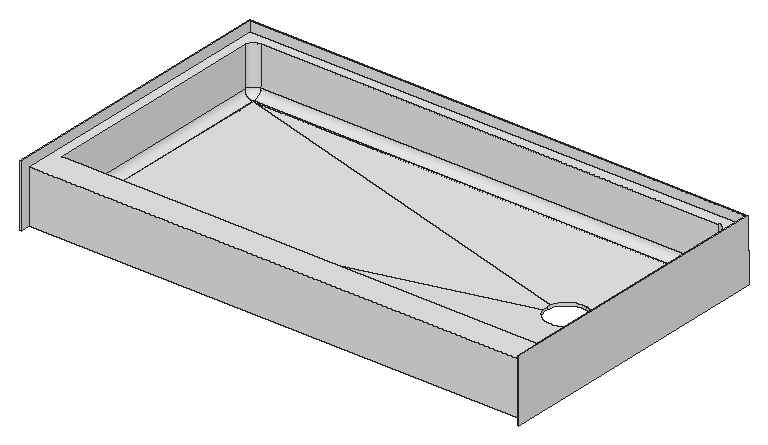
Revit family "P5430", category Plumbing Fixtures, Revit 2014
Parameters (values of type "P5430")
  Unit Width = 4' - 6"
  Unit Height = 0' - 6 3/4"
  URL = "http://www.best-bath.com/"
  Type Comments = "Remodeler"
  Model = "P5430"
  Material [instance] = Best Bath Gelcoat Fiberglass - Smooth
  Manufacturer = "Best Bath Systems, Inc."
  Keynote = "22 40 00.B3"
  Description = "Shower Pan"
  Assembly Code = "D2010710"
Reference planes (in)
  plane 1 "Back": y = -0.5
  plane 2: z = 0
  plane 3 "Left": x = 0
  plane 4: x = 54
  plane 5: z = 5.75
  plane 6: z = 6.75
  plane 7: x = 45.5
  plane 8: y = 29.5
  plane 9: y = 15.5
  plane 10: x = 1.25
  plane 11: x = 52.75
  plane 12: y = 28.25
  plane 13: z = 0.625
  plane 14: z = 0.25
  plane 15: y = -1.5
Forms (in)
  Extrusion 1, solid, material "Best Bath Gelcoat Fiberglass - Smooth"
    sketch origin (0, 0, 0) x (1, 0, 0) y (0, 1, 0)
      loop
        line (0, -0.5) -> (1.25, -0.5) -> (1.25, 27.25)
        arc (1.25, 27.25) -> (1.54289, 27.95711) -> (2.25, 28.25) r 1
        line (2.25, 28.25) -> (51.75, 28.25)
        arc (51.75, 28.25) -> (52.45711, 27.95711) -> (52.75, 27.25) r 1
        line (52.75, 27.25) -> (52.75, -0.5) -> (54, -0.5) -> (54, 29.5) -> (0, 29.5) -> (0, -0.5)
    from 0 to 5.75
  Extrusion 2, solid, material "Best Bath Gelcoat Fiberglass - Smooth"
    sketch origin (0, 0, 0) x (1, 0, 0) y (0, 1, 0)
      loop
        line (0, -0.5) -> (54, -0.5) -> (54, 29.5) -> (0, 29.5) -> (0, -0.5)
      loop
        circle (45.5, 15.5) r 2.125
    from 0 to 0.625
  Sweep 3, solid, material "Best Bath Gelcoat Fiberglass - Smooth"
    path origin (0, 0, 0) x (1, 0, 0) y (0, 1, 0)
      loop
        line (52.75, -0.5) -> (52.75, 27.25)
        arc (52.75, 27.25) -> (52.45711, 27.95711) -> (51.75, 28.25) r 1
        line (51.75, 28.25) -> (2.25, 28.25)
        arc (2.25, 28.25) -> (1.54289, 27.95711) -> (1.25, 27.25) r 1
        line (1.25, 27.25) -> (1.25, -0.5)
    profile origin (1.25, 13.375, 0) x (1, 0, 0) y (0, 0, 1)
      loop
        line (0, 0.625) -> (0.9, 0.625)
        arc (0.9, 0.625) -> (0.2636, 0.8886) -> (0, 1.525) r 0.9
        line (0, 1.525) -> (0, 0.625)
  Blend 4, void
    base sketch origin (0, 0, 0) x (1, 0, 0) y (0, 1, 0)
      loop
        line (2.25, 3.5147) -> (51.75, 3.5147) -> (51.75, 27.25) -> (2.25, 27.25) -> (2.25, 3.5147)
    top sketch origin (0, 0, 0) x (1, 0, 0) y (0, 1, 0)
      loop
        circle (45.5, 15.5) r 0.10467
    from 0.625 to 0.25
  Sweep 5, solid, material "Best Bath Gelcoat Fiberglass - Smooth"
    path origin (0, 0, 0) x (1, 0, 0) y (0, 1, 0)
      loop
        line (1.25, -0.5) -> (52.75, -0.5)
    profile origin (27, -0.5, 0) x (0, 1, 0) y (0, 0, 1)
      loop
        line (0, 5.75) -> (0, 0) -> (4.11592, 0) -> (3.00305, 5.75) -> (0, 5.75)
  Extrusion 6, solid, material "Best Bath Gelcoat Fiberglass - Smooth"
    sketch origin (0, 0, 0) x (1, 0, 0) y (0, 1, 0)
      loop
        line (0, -1.5) -> (0.125, -1.5) -> (0.125, 29.375) -> (53.875, 29.375) -> (53.875, -1.5) -> (54, -1.5) -> (54, 29.5) -> (0, 29.5) -> (0, -1.5)
    from 0 to 6.75
Cuts and joins
  Blend 4 cuts Extrusion 1
  Blend 4 cuts Extrusion 2
  Blend 4 cuts Sweep 3
  joined: Extrusion 1, Extrusion 2, Sweep 3, Sweep 5, Extrusion 6
Dimensions and locks (in)
  "Unit Width": plane 3 "Left" to plane 4
  locked: plane 6 to plane 5 at 1
  "Unit Height": plane 6 to level
  plane 3 "Left" to plane 7 to plane 4 = 3' - 9 1/2", 0' - 8 1/2"
  locked: plane 8 to plane 12 at 1.25
  locked: plane 11 to plane 4 at 1.25
  locked: plane 3 "Left" to plane 10 at 1.25
  plane 8 to plane 9 = 1' - 2"
  locked: plane 13 to plane 14 at 0.375
  locked: plane 13 to level at 0.625
  locked: plane 15 to plane 1 "Back" at 1
  plane 8 to plane 15 = 2' - 7"
  aligned and locked: level to plane 2
  aligned and locked: plane 9 to Extrusion 2 sketch curve
  aligned and locked: plane 7 to Extrusion 2 sketch curve
  aligned and locked: Sweep 3 to plane 13
  aligned and locked: Sweep 3 sketch curve to plane 13
  aligned and locked: plane 13 to Extrusion 2
  aligned and locked: plane 9 to Blend 4 sketch curve
  aligned and locked: plane 7 to Blend 4 sketch curve
  aligned and locked: Extrusion 2 to Blend 4
  aligned and locked: Blend 4 to plane 14
  aligned and locked: plane 5 to Extrusion 1
  aligned and locked: plane 5 to Sweep 5
  aligned and locked: plane 6 to Extrusion 6
Automatic sketch dimensions
  plane 1 "Back" to Extrusion 1 sketch curve = 0' - 0"  (x2)
  Extrusion 1 sketch curve to plane 3 "Left" = 0' - 0"
  Extrusion 1 sketch curve to plane 4 = 0' - 0"
  Extrusion 1 sketch curve to plane 8 = 0' - 0"
  Extrusion 1 sketch curve to plane 10 = 0' - 0"
  Extrusion 1 sketch curve to plane 12 = 0' - 0"
  Extrusion 1 sketch curve to plane 11 = 0' - 0"
  Extrusion 1 sketch curve to plane 12 = 0' - 1"
  plane 10 to Extrusion 1 sketch curve = 0' - 1"
  Extrusion 2 sketch curve to plane 4 = 0' - 0"
  Extrusion 2 sketch curve to plane 8 = 0' - 0"
  profile plane to Sweep 3 sketch curve = 0' - 0"
  Sweep 3 sketch curve to profile plane = 0' - 0.9"
  Extrusion 2 sketch curve to plane 3 "Left" = 0' - 0"
  plane 1 "Back" to Extrusion 2 sketch curve = 0' - 0"
  Sweep 3 sketch curve to plane 10 = 0' - 0"
  Sweep 3 sketch curve to plane 12 = 0' - 0"
  Sweep 3 sketch curve to plane 11 = 0' - 0"
  Sweep 3 sketch curve to plane 12 = 0' - 1"
  plane 1 "Back" to Sweep 3 sketch curve = 0' - 0"  (x2)
  plane 10 to Sweep 3 sketch curve = 0' - 1"
  plane 1 "Back" to Sweep 5 sketch curve = 0' - 0"
  Sweep 5 sketch curve to plane 10 = 0' - 0"
  Sweep 5 sketch curve to plane 11 = 0' - 0"
  Sweep 5 sketch curve to profile plane = 0' - 0"
  Sweep 5 sketch curve to level = 0' - 0"
  Sweep 5 sketch curve to profile plane = 0' - 3.00305"
  Sweep 5 sketch curve to profile plane = 0' - 4.11592"
  level to Sweep 5 sketch curve = 0' - 5 3/4"
  plane 10 to Blend 4 sketch curve = 0' - 1"
  Blend 4 sketch curve to plane 11 = 0' - 1"
  Blend 4 sketch curve to plane 1 "Back" = 0' - 4.0147"
  Blend 4 sketch curve to plane 12 = 0' - 1"
  Extrusion 6 sketch curve to plane 3 "Left" = 0' - 0"
  Extrusion 6 sketch curve to plane 15 = 0' - 0"  (x2)
  Extrusion 6 sketch curve to plane 4 = 0' - 0"
  Extrusion 6 sketch curve to plane 8 = 0' - 0"
  plane 3 "Left" to Extrusion 6 sketch curve = 0' - 0 1/8"
  plane 4 to Extrusion 6 sketch curve = 0' - 0 1/8"
  Extrusion 6 sketch curve to plane 8 = 0' - 0 1/8"
  radius of Extrusion 2 sketch curve = 0' - 2 1/8"
  radius of Blend 4 sketch curve = 0' - 0.10467"
